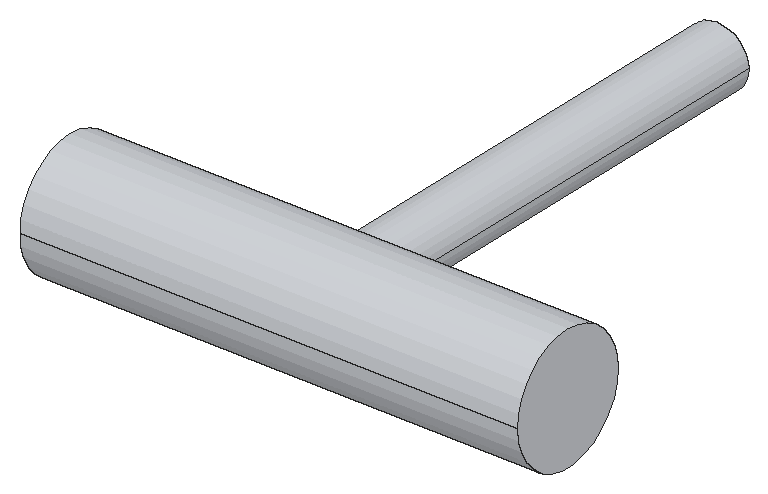
Revit family "Family-Pipe-Fitting-Tee", category Pipe Fittings, Revit 2023
Family settings
  Round Connector Dimension = Use Diameter
  Part Type = Elbow
  Work Plane-Based = No
  Always vertical = Yes
  Cut with Voids When Loaded = No
  Shared = No
Parameters
  Length Branch [instance] = 400 mm
  Length Main [instance] = 400 mm
  Diameter Main [instance] = 100 mm
  Diameter Branch [instance] = 50 mm
  Default Elevation = 0 mm
  Angle [instance] = 90.00°
Reference planes
  plane 1 "Center (Front/Back)": y = 0
  plane 2: z = 0
  plane 3 "Center (Left/Right)": x = 0
Forms (mm)
  Sweep 1, solid
    path in 3D
      loop
        line (-200, 0, 0) -> (200, 0, 0)
    profile origin (0, 0, 0) x (0, 1, 0) y (0, 0, 1)
      loop
        circle (0, 0) r 50
  Sweep 2, solid
    path in 3D
      loop
        line (0, 0, 0) -> (0, 400, 0)
    profile origin (0, 200, 0) x (-1, 0, 0) y (0, 0, 1)
      loop
        circle (0, 0) r 25
Lines and regions (mm)
  model lines
    curve 1: line (-200, 0, 0) -> (200, 0, 0)
    curve 2: line (0, 0, 0) -> (0, 400, 0)
  sketch lines
    curve 3: line (-200, 0, 0) -> (200, 0, 0)
    curve 4: line (0, 0, 0) -> (0, 400, 0)
Dimensions and locks
  "Length Branch": curve 2 to curve 2
  "Length Main": curve 1 to curve 1
  equal spacing: curve 1, plane 3 "Center (Left/Right)", curve 1
  "Diameter Branch": diameter of Sweep 2 sketch curve
  "Diameter Main": diameter of Sweep 1 sketch curve
  "Angle": angle curve 1 to curve 2
  aligned and locked: level to plane 2
Automatic sketch dimensions
  plane 1 "Center (Front/Back)" to curve 2 = 0 mm
  curve 2 to plane 3 "Center (Left/Right)" = 0 mm
  Sweep 1 sketch curve to profile plane = 0 mm  (x2)
  Sweep 2 sketch curve to profile plane = 0 mm  (x2)
Connectors
  piping at (-200, 0, 0), diameter 100, driven by "Diameter Main"
    settings: on Sweep 1, index 1, connector inside diameter 609.6 mm, connector length 0 mm, flow factor 0, pipe flow 0.0 L/s, pressure drop 0.0 Pa, fitting loss kfactor 0, connector angle 0.00°, fixture units 0, engagement length 0 mm, angle of deflection 0.00°, flow configuration 0, flow direction 0, fitting loss method 0, system type 7, joint type 0, gender type 0, connector reference index -1, connector utility 0, adjustable connector no, is connector primary yes, connector description ""
  piping at (0, 400, 0), diameter 50, driven by "Diameter Branch"
    settings: on Sweep 2, index 2, connector inside diameter 609.6 mm, connector length 0 mm, flow factor 0, pipe flow 0.0 L/s, pressure drop 0.0 Pa, fitting loss kfactor 0, connector angle 0.00°, fixture units 0, engagement length 0 mm, angle of deflection 0.00°, flow configuration 0, flow direction 0, fitting loss method 0, system type 7, joint type 0, gender type 0, connector reference index -1, connector utility 0, adjustable connector no, is connector primary no, connector description ""
  piping at (200, 0, 0), diameter 100, driven by "Diameter Main"
    settings: on Sweep 1, index 3, connector inside diameter 609.6 mm, connector length 0 mm, flow factor 0, pipe flow 0.0 L/s, pressure drop 0.0 Pa, fitting loss kfactor 0, connector angle 0.00°, fixture units 0, engagement length 0 mm, angle of deflection 0.00°, flow configuration 0, flow direction 0, fitting loss method 0, system type 7, joint type 0, gender type 0, connector reference index -1, connector utility 0, adjustable connector no, is connector primary no, connector description ""
